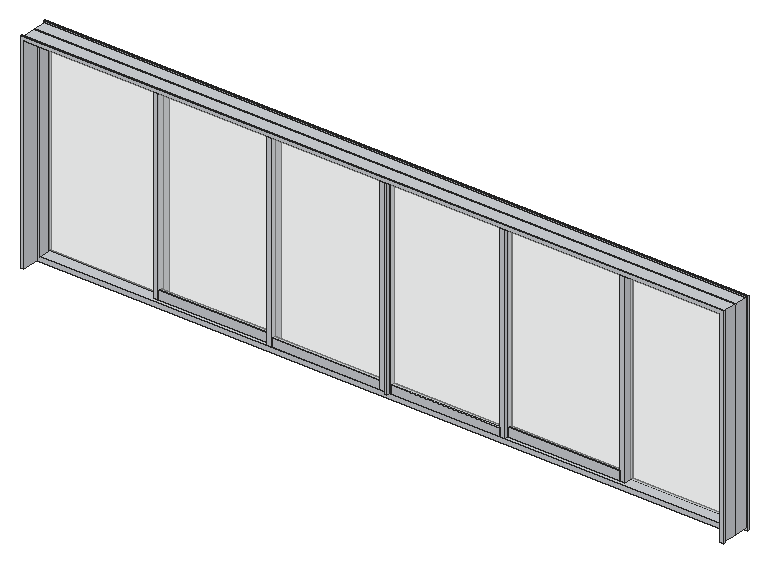
Revit family "APL Residential Thermal Heart Sliding Door FSSSSF", category Doors, host Wall, Revit 2017 (continued)
Definition of nested family "APL Residential Thermal Heart Sliding Door FSSSSF Vertical Section"
  Definition of nested family "Three Panel Head"
    Definition of nested family "65410_Frame"
      Lines and regions (mm)
        model lines, in view "Ref. Level"
          curve 467: line (74.404, -23.737, 0) -> (73.516, -21.297, 0)
          curve 468: line (72.621, -21.262, 0) -> (71.093, -22.146, 0)
          curve 469: line (70.893, -22.2, 0) -> (70.6, -22.2, 0)
          curve 470: line (70.2, -21.8, 0) -> (70.2, -18.4, 0)
          curve 471: arc (101.9, -10, 0) -> (102.042, -10.059, 0) -> (102.1, -10.2, 0) r 0.2
          curve 472: arc (102.1, -11.1, 0) -> (102.159, -11.241, 0) -> (102.3, -11.3, 0) r 0.2
          curve 473: arc (109.1, -11.3, 0) -> (109.454, -11.154, 0) -> (109.6, -10.8, 0) r 0.5
          curve 474: arc (109.6, -9.5, 0) -> (109.541, -9.359, 0) -> (109.4, -9.3, 0) r 0.2
          curve 475: arc (107.3, -9.3, 0) -> (107.159, -9.241, 0) -> (107.1, -9.1, 0) r 0.2
          curve 476: arc (107.1, -8.2, 0) -> (107.159, -8.059, 0) -> (107.3, -8, 0) r 0.2
          curve 477: arc (112.1, -8, 0) -> (112.454, -7.854, 0) -> (112.6, -7.5, 0) r 0.5
          curve 478: arc (112.6, 9.1, 0) -> (112.541, 9.241, 0) -> (112.4, 9.3, 0) r 0.2
          curve 479: arc (111.7, 9.3, 0) -> (111.559, 9.241, 0) -> (111.5, 9.1, 0) r 0.2
          curve 480: arc (111.5, 8.8, 0) -> (111, 8.3, 0) -> (110.5, 8.8, 0) r 0.5
          curve 481: arc (110.5, 11.35, 0) -> (111, 11.85, 0) -> (111.5, 11.35, 0) r 0.5
          curve 482: arc (111.5, 10.5, 0) -> (111.559, 10.359, 0) -> (111.7, 10.3, 0) r 0.2
          curve 483: arc (112.7, 10.3, 0) -> (112.841, 10.359, 0) -> (112.9, 10.5, 0) r 0.2
          curve 484: arc (112.9, 17.8, 0) -> (112.841, 17.941, 0) -> (112.7, 18, 0) r 0.2
          curve 485: arc (111.701, 18, 0) -> (111.559, 17.942, 0) -> (111.5, 17.8, 0) r 0.2
          curve 486: arc (111.5, 16.95, 0) -> (111, 16.45, 0) -> (110.5, 16.95, 0) r 0.5
          curve 487: arc (110.5, 18.5, 0) -> (110.646, 18.854, 0) -> (111, 19, 0) r 0.5
          curve 488: arc (116, 19, 0) -> (116.354, 18.854, 0) -> (116.5, 18.5, 0) r 0.5
          curve 489: arc (116.5, 16.95, 0) -> (116, 16.45, 0) -> (115.5, 16.95, 0) r 0.5
          curve 490: arc (115.5, 17.8, 0) -> (115.441, 17.941, 0) -> (115.3, 18, 0) r 0.2
          curve 491: arc (114.3, 18, 0) -> (114.159, 17.941, 0) -> (114.1, 17.8, 0) r 0.2
          curve 492: arc (114.1, 10.5, 0) -> (114.159, 10.359, 0) -> (114.3, 10.3, 0) r 0.2
          curve 493: arc (115.3, 10.3, 0) -> (115.441, 10.359, 0) -> (115.5, 10.5, 0) r 0.2
          curve 494: arc (115.5, 11.35, 0) -> (116, 11.85, 0) -> (116.5, 11.35, 0) r 0.5
          curve 495: arc (116.5, 8.8, 0) -> (116, 8.3, 0) -> (115.5, 8.8, 0) r 0.5
          curve 496: arc (115.5, 9.1, 0) -> (115.441, 9.241, 0) -> (115.3, 9.3, 0) r 0.2
          curve 497: arc (114.6, 9.3, 0) -> (114.459, 9.241, 0) -> (114.4, 9.1, 0) r 0.2
          curve 498: arc (114.4, -7.5, 0) -> (114.546, -7.854, 0) -> (114.9, -8, 0) r 0.5
          curve 499: arc (117.117, -8, 0) -> (117.422, -8.199, 0) -> (117.695, -7.957, 0) r 0.3
          curve 500: arc (117.695, -7.957, 0) -> (117.761, -7.819, 0) -> (117.887, -7.732, 0) r 0.3
          curve 501: arc (119.297, -7.218, 0) -> (119.583, -7.262, 0) -> (119.699, -7.526, 0) r 0.3
          curve 502: arc (119.492, -9.892, 0) -> (119.465, -9.992, 0) -> (119.405, -10.078, 0) r 0.3
          curve 503: arc (119.041, -10.441, 0) -> (118.848, -10.493, 0) -> (118.707, -10.352, 0) r 0.2
          curve 504: arc (118.662, -10.184, 0) -> (118.61, -10.095, 0) -> (118.521, -10.043, 0) r 0.2
          curve 505: arc (116.3, -9.5, 0) -> (116.02, -9.693, 0) -> (116.1, -10.024, 0) r 0.3
          curve 506: arc (116.1, -10.024, 0) -> (116.174, -10.125, 0) -> (116.2, -10.247, 0) r 0.3
          curve 507: arc (116.006, -14.25, 0) -> (116.042, -14.422, 0) -> (116.2, -14.5, 0) r 0.2
          curve 508: arc (116.721, -14.5, 0) -> (116.802, -14.489, 0) -> (116.877, -14.456, 0) r 0.3
          curve 509: arc (118.131, -13.691, 0) -> (118.128, -13.521, 0) -> (118.234, -13.389, 0) r 0.25
          curve 510: arc (118.32, -13.337, 0) -> (118.572, -13.332, 0) -> (118.7, -13.55, 0) r 0.25
          curve 511: arc (118.7, -15.126, 0) -> (118.618, -15.523, 0) -> (118.385, -15.854, 0) r 1
          curve 512: arc (118.385, -15.854, 0) -> (118.322, -16, 0) -> (118.385, -16.146, 0) r 0.2
          curve 513: arc (118.385, -16.146, 0) -> (118.618, -16.477, 0) -> (118.7, -16.874, 0) r 1
          curve 514: arc (118.7, -18.45, 0) -> (118.572, -18.668, 0) -> (118.32, -18.663, 0) r 0.25
          curve 515: arc (118.234, -18.611, 0) -> (118.128, -18.479, 0) -> (118.131, -18.309, 0) r 0.25
          curve 516: arc (116.877, -17.544, 0) -> (116.802, -17.511, 0) -> (116.721, -17.5, 0) r 0.3
          curve 517: arc (116.2, -17.5, 0) -> (116.042, -17.578, 0) -> (116.006, -17.75, 0) r 0.2
          curve 518: arc (116.2, -21.753, 0) -> (116.174, -21.875, 0) -> (116.1, -21.976, 0) r 0.3
          curve 519: arc (116.1, -21.976, 0) -> (116.02, -22.307, 0) -> (116.3, -22.5, 0) r 0.3
          curve 520: arc (118.521, -21.957, 0) -> (118.61, -21.905, 0) -> (118.662, -21.816, 0) r 0.2
          curve 521: arc (118.707, -21.648, 0) -> (118.848, -21.507, 0) -> (119.041, -21.559, 0) r 0.2
          curve 522: arc (119.405, -21.922, 0) -> (119.465, -22.008, 0) -> (119.492, -22.108, 0) r 0.3
          curve 523: arc (119.699, -24.474, 0) -> (119.583, -24.738, 0) -> (119.297, -24.782, 0) r 0.3
          curve 524: arc (117.887, -24.268, 0) -> (117.761, -24.181, 0) -> (117.695, -24.043, 0) r 0.3
          curve 525: arc (117.695, -24.043, 0) -> (117.422, -23.801, 0) -> (117.117, -24, 0) r 0.3
          curve 526: arc (114.8, -24, 0) -> (114.446, -23.854, 0) -> (114.3, -23.5, 0) r 0.5
          curve 527: arc (114.3, -19, 0) -> (114.241, -18.859, 0) -> (114.1, -18.8, 0) r 0.2
          curve 528: arc (105.3, -18.8, 0) -> (104.946, -18.654, 0) -> (104.8, -18.3, 0) r 0.5
          curve 529: arc (104.8, -17.8, 0) -> (104.946, -17.446, 0) -> (105.3, -17.3, 0) r 0.5
          curve 530: arc (106.727, -17.3, 0) -> (107.066, -17.167, 0) -> (107.226, -16.84, 0) r 0.5
          curve 531: arc (107.226, -16.84, 0) -> (107.712, -16.197, 0) -> (108.5, -16.366, 0) r 0.75
          curve 532: arc (108.5, -16.366, 0) -> (109.8, -16.9, 0) -> (111.1, -16.366, 0) r 1.85
          curve 533: arc (111.1, -16.366, 0) -> (111.242, -16.256, 0) -> (111.407, -16.183, 0) r 0.75
          curve 534: arc (111.407, -16.183, 0) -> (111.591, -16.08, 0) -> (111.716, -15.91, 0) r 0.5
          curve 535: arc (111.716, -15.91, 0) -> (111.9, -15.05, 0) -> (111.716, -14.19, 0) r 2.1
          curve 536: arc (111.716, -14.19, 0) -> (111.591, -14.02, 0) -> (111.407, -13.917, 0) r 0.5
          curve 537: arc (111.407, -13.917, 0) -> (111.242, -13.844, 0) -> (111.1, -13.734, 0) r 0.75
          curve 538: arc (111.1, -13.734, 0) -> (109.8, -13.2, 0) -> (108.5, -13.734, 0) r 1.85
          curve 539: arc (108.5, -13.734, 0) -> (107.831, -13.936, 0) -> (107.286, -13.5, 0) r 0.75
          curve 540: arc (107.286, -13.5, 0) -> (107.101, -13.282, 0) -> (106.827, -13.2, 0) r 0.5
          curve 541: arc (102.3, -13.2, 0) -> (101.25, -12.919, 0) -> (100.481, -12.15, 0) r 2.1
          curve 542: arc (100.481, -12.15, 0) -> (100.298, -11.967, 0) -> (100.048, -11.9, 0) r 0.5
          curve 543: arc (91.556, -11.9, 0) -> (91.287, -11.978, 0) -> (91.103, -12.188, 0) r 0.5
          curve 544: arc (91.103, -12.188, 0) -> (90.328, -13.071, 0) -> (89.2, -13.4, 0) r 2.1
          curve 545: arc (87.9, -13.4, 0) -> (87.193, -13.693, 0) -> (86.9, -14.4, 0) r 1
          curve 546: arc (86.9, -23.5, 0) -> (86.754, -23.854, 0) -> (86.4, -24, 0) r 0.5
          curve 547: arc (84.083, -24, 0) -> (83.778, -23.801, 0) -> (83.505, -24.043, 0) r 0.3
          curve 548: arc (83.505, -24.043, 0) -> (83.439, -24.181, 0) -> (83.313, -24.268, 0) r 0.3
          curve 549: arc (81.903, -24.782, 0) -> (81.617, -24.738, 0) -> (81.501, -24.474, 0) r 0.3
          curve 550: arc (81.708, -22.108, 0) -> (81.735, -22.008, 0) -> (81.795, -21.922, 0) r 0.3
          curve 551: arc (82.159, -21.559, 0) -> (82.352, -21.507, 0) -> (82.493, -21.648, 0) r 0.2
          curve 552: arc (82.538, -21.816, 0) -> (82.59, -21.905, 0) -> (82.679, -21.957, 0) r 0.2
          curve 553: arc (84.9, -22.5, 0) -> (85.18, -22.307, 0) -> (85.1, -21.976, 0) r 0.3
          curve 554: arc (85.1, -21.976, 0) -> (85.026, -21.875, 0) -> (85, -21.753, 0) r 0.3
          curve 555: arc (85.194, -17.75, 0) -> (85.158, -17.578, 0) -> (85, -17.5, 0) r 0.2
          curve 556: arc (84.479, -17.5, 0) -> (84.398, -17.511, 0) -> (84.323, -17.544, 0) r 0.3
          curve 557: arc (83.069, -18.309, 0) -> (83.072, -18.479, 0) -> (82.966, -18.611, 0) r 0.25
          curve 558: arc (82.88, -18.663, 0) -> (82.628, -18.668, 0) -> (82.5, -18.45, 0) r 0.25
          curve 559: arc (82.5, -16.874, 0) -> (82.582, -16.477, 0) -> (82.815, -16.146, 0) r 1
          curve 560: arc (82.815, -16.146, 0) -> (82.878, -16, 0) -> (82.815, -15.854, 0) r 0.2
          curve 561: arc (82.815, -15.854, 0) -> (82.582, -15.523, 0) -> (82.5, -15.126, 0) r 1
          curve 562: arc (82.5, -13.55, 0) -> (82.628, -13.332, 0) -> (82.88, -13.337, 0) r 0.25
          curve 563: arc (82.966, -13.389, 0) -> (83.072, -13.521, 0) -> (83.069, -13.691, 0) r 0.25
          curve 564: arc (84.323, -14.456, 0) -> (84.398, -14.489, 0) -> (84.479, -14.5, 0) r 0.3
          curve 565: arc (85, -14.5, 0) -> (85.158, -14.422, 0) -> (85.194, -14.25, 0) r 0.2
          curve 566: arc (85, -10.247, 0) -> (85.026, -10.125, 0) -> (85.1, -10.024, 0) r 0.3
          curve 567: arc (85.1, -10.024, 0) -> (85.18, -9.693, 0) -> (84.9, -9.5, 0) r 0.3
          curve 568: arc (82.679, -10.043, 0) -> (82.59, -10.095, 0) -> (82.538, -10.184, 0) r 0.2
          curve 569: arc (82.493, -10.352, 0) -> (82.352, -10.493, 0) -> (82.159, -10.441, 0) r 0.2
          curve 570: arc (81.795, -10.078, 0) -> (81.735, -9.992, 0) -> (81.708, -9.892, 0) r 0.3
          curve 571: arc (81.501, -7.526, 0) -> (81.617, -7.262, 0) -> (81.903, -7.218, 0) r 0.3
          curve 572: arc (83.313, -7.732, 0) -> (83.439, -7.819, 0) -> (83.505, -7.957, 0) r 0.3
          curve 573: arc (83.505, -7.957, 0) -> (83.778, -8.199, 0) -> (84.083, -8, 0) r 0.3
          curve 574: arc (86.7, -8, 0) -> (86.841, -8.059, 0) -> (86.9, -8.2, 0) r 0.2
          curve 575: arc (86.9, -11.3, 0) -> (86.959, -11.441, 0) -> (87.1, -11.5, 0) r 0.2
          curve 576: arc (89.2, -11.5, 0) -> (89.341, -11.441, 0) -> (89.4, -11.3, 0) r 0.2
          curve 577: arc (89.4, -10.2, 0) -> (89.459, -10.059, 0) -> (89.6, -10, 0) r 0.2
          curve 578: line (89.6, -10, 0) -> (95.4, -10, 0)
          curve 579: line (95.4, -10, 0) -> (95.8, -10.4, 0)
          curve 580: line (95.8, -10.4, 0) -> (96.2, -10, 0)
          curve 581: line (96.2, -10, 0) -> (101.9, -10, 0)
          curve 582: line (102.1, -10.2, 0) -> (102.1, -11.1, 0)
          curve 583: line (102.3, -11.3, 0) -> (109.1, -11.3, 0)
          curve 584: line (109.6, -10.8, 0) -> (109.6, -9.5, 0)
          curve 585: line (109.4, -9.3, 0) -> (107.3, -9.3, 0)
          curve 586: line (107.1, -9.1, 0) -> (107.1, -8.2, 0)
          curve 587: line (107.3, -8, 0) -> (112.1, -8, 0)
          curve 588: line (112.6, -7.5, 0) -> (112.6, 9.1, 0)
          curve 589: line (112.4, 9.3, 0) -> (111.7, 9.3, 0)
          curve 590: line (111.5, 9.1, 0) -> (111.5, 8.8, 0)
          curve 591: line (110.5, 8.8, 0) -> (110.5, 11.35, 0)
          curve 592: line (111.5, 11.35, 0) -> (111.5, 10.5, 0)
          curve 593: line (111.7, 10.3, 0) -> (112.7, 10.3, 0)
          curve 594: line (112.9, 10.5, 0) -> (112.9, 17.8, 0)
          curve 595: line (112.7, 18, 0) -> (111.701, 18, 0)
          curve 596: line (111.5, 17.8, 0) -> (111.5, 16.95, 0)
          curve 597: line (110.5, 16.95, 0) -> (110.5, 18.5, 0)
          curve 598: line (111, 19, 0) -> (116, 19, 0)
          curve 599: line (116.5, 18.5, 0) -> (116.5, 16.95, 0)
          curve 600: line (115.5, 16.95, 0) -> (115.5, 17.8, 0)
          curve 601: line (115.3, 18, 0) -> (114.3, 18, 0)
          curve 602: line (114.1, 17.8, 0) -> (114.1, 10.5, 0)
          curve 603: line (114.3, 10.3, 0) -> (115.3, 10.3, 0)
          curve 604: line (115.5, 10.5, 0) -> (115.5, 11.35, 0)
          curve 605: line (116.5, 11.35, 0) -> (116.5, 8.8, 0)
          curve 606: line (115.5, 8.8, 0) -> (115.5, 9.1, 0)
          curve 607: line (115.3, 9.3, 0) -> (114.6, 9.3, 0)
          curve 608: line (114.4, 9.1, 0) -> (114.4, -7.5, 0)
          curve 609: line (114.9, -8, 0) -> (117.117, -8, 0)
          curve 610: line (117.887, -7.732, 0) -> (119.297, -7.218, 0)
          curve 611: line (119.699, -7.526, 0) -> (119.492, -9.892, 0)
          curve 612: line (119.405, -10.078, 0) -> (119.041, -10.441, 0)
          curve 613: line (118.707, -10.352, 0) -> (118.662, -10.184, 0)
          curve 614: line (118.662, -10.184, 0) -> (116.532, -9.51, 0)
          curve 615: line (116.532, -9.51, 0) -> (116.3, -9.5, 0)
          curve 616: line (116.2, -10.247, 0) -> (116.2, -13.475, 0)
          curve 617: line (116.2, -13.475, 0) -> (116.006, -14.25, 0)
          curve 618: line (116.2, -14.5, 0) -> (116.721, -14.5, 0)
          curve 619: line (116.721, -14.5, 0) -> (118.131, -13.691, 0)
          curve 620: line (118.7, -13.55, 0) -> (118.7, -15.126, 0)
          curve 621: line (118.7, -16.874, 0) -> (118.7, -18.45, 0)
          curve 622: line (118.131, -18.309, 0) -> (116.877, -17.544, 0)
          curve 623: line (116.877, -17.544, 0) -> (116.2, -17.5, 0)
          curve 624: line (116.006, -17.75, 0) -> (116.194, -18.475, 0)
          curve 625: line (116.194, -18.475, 0) -> (116.2, -21.753, 0)
          curve 626: line (116.454, -22.5, 0) -> (118.521, -21.957, 0)
          curve 627: line (118.521, -21.957, 0) -> (118.707, -21.648, 0)
          curve 628: line (119.041, -21.559, 0) -> (119.405, -21.922, 0)
          curve 629: line (119.492, -22.108, 0) -> (119.699, -24.474, 0)
          curve 630: line (119.297, -24.782, 0) -> (117.887, -24.268, 0)
          curve 631: line (117.117, -24, 0) -> (114.8, -24, 0)
          curve 632: line (114.3, -23.5, 0) -> (114.3, -19, 0)
          curve 633: line (114.1, -18.8, 0) -> (105.3, -18.8, 0)
          curve 634: line (104.8, -18.3, 0) -> (104.8, -17.8, 0)
          curve 635: line (105.3, -17.3, 0) -> (106.727, -17.3, 0)
          curve 636: line (106.827, -13.2, 0) -> (102.3, -13.2, 0)
          curve 637: line (100.048, -11.9, 0) -> (91.556, -11.9, 0)
          curve 638: line (89.2, -13.4, 0) -> (87.9, -13.4, 0)
          curve 639: line (86.9, -14.4, 0) -> (86.9, -23.5, 0)
          curve 640: line (86.4, -24, 0) -> (84.083, -24, 0)
          curve 641: line (83.313, -24.268, 0) -> (81.903, -24.782, 0)
          curve 642: line (81.501, -24.474, 0) -> (81.708, -22.108, 0)
          curve 643: line (81.795, -21.922, 0) -> (82.159, -21.559, 0)
          curve 644: line (82.493, -21.648, 0) -> (82.538, -21.816, 0)
          curve 645: line (82.538, -21.816, 0) -> (84.668, -22.49, 0)
          curve 646: line (84.668, -22.49, 0) -> (84.9, -22.5, 0)
          curve 647: line (85, -21.753, 0) -> (85, -18.525, 0)
          curve 648: line (85, -18.525, 0) -> (85.194, -17.75, 0)
          curve 649: line (85, -17.5, 0) -> (84.479, -17.5, 0)
          curve 650: line (84.479, -17.5, 0) -> (83.069, -18.309, 0)
          curve 651: line (82.5, -18.45, 0) -> (82.5, -16.874, 0)
          curve 652: line (82.5, -15.126, 0) -> (82.5, -13.55, 0)
          curve 653: line (83.069, -13.691, 0) -> (84.323, -14.456, 0)
          curve 654: line (84.323, -14.456, 0) -> (85, -14.5, 0)
          curve 655: line (85.194, -14.25, 0) -> (85.006, -13.525, 0)
          curve 656: line (85.006, -13.525, 0) -> (85, -10.247, 0)
          curve 657: line (84.746, -9.5, 0) -> (82.679, -10.043, 0)
          curve 658: line (82.679, -10.043, 0) -> (82.493, -10.352, 0)
          curve 659: line (82.159, -10.441, 0) -> (81.795, -10.078, 0)
          curve 660: line (81.708, -9.892, 0) -> (81.501, -7.526, 0)
          curve 661: line (81.903, -7.218, 0) -> (83.313, -7.732, 0)
          curve 662: line (84.083, -8, 0) -> (86.7, -8, 0)
          curve 663: line (86.9, -8.2, 0) -> (86.9, -11.3, 0)
          curve 664: line (87.1, -11.5, 0) -> (89.2, -11.5, 0)
          curve 665: line (89.4, -11.3, 0) -> (89.4, -10.2, 0)
          curve 666: arc (159.4, 11.877, 0) -> (159.327, 11.95, 0) -> (159.3, 12.05, 0) r 0.2
          curve 667: arc (159.3, 16.25, 0) -> (159.327, 16.35, 0) -> (159.4, 16.423, 0) r 0.2
          curve 668: arc (159.4, 16.423, 0) -> (159.473, 16.496, 0) -> (159.5, 16.596, 0) r 0.2
          curve 669: arc (159.5, 17.8, 0) -> (159.441, 17.941, 0) -> (159.3, 18, 0) r 0.2
          curve 670: arc (157.701, 18, 0) -> (157.559, 17.942, 0) -> (157.5, 17.8, 0) r 0.2
          curve 671: arc (157.5, 16.95, 0) -> (157, 16.451, 0) -> (156.5, 16.95, 0) r 0.5
          curve 672: arc (156.5, 18.5, 0) -> (156.646, 18.854, 0) -> (157, 19, 0) r 0.499
          curve 673: arc (160.5, 19, 0) -> (160.847, 18.847, 0) -> (161, 18.5, 0) r 0.523
          curve 674: arc (161, -2.5, 0) -> (160.856, -2.856, 0) -> (160.5, -3, 0) r 0.493
          curve 675: arc (157.7, -3, 0) -> (157.558, -3.058, 0) -> (157.5, -3.2, 0) r 0.199
          curve 676: arc (157.5, -10.801, 0) -> (156.852, -12.441, 0) -> (155.258, -13.195, 0) r 2.399
          curve 677: arc (155.258, -13.195, 0) -> (154.878, -13.412, 0) -> (154.814, -13.844, 0) r 0.5
          curve 678: arc (154.814, -13.844, 0) -> (155, -15.047, 0) -> (154.816, -16.25, 0) r 4
          curve 679: arc (154.816, -16.25, 0) -> (154.89, -16.696, 0) -> (155.293, -16.9, 0) r 0.5
          curve 680: arc (155.5, -16.9, 0) -> (156.914, -17.486, 0) -> (157.5, -18.9, 0) r 2.001
          curve 681: arc (166.75, -22.5, 0) -> (167.501, -23.253, 0) -> (166.745, -24, 0) r 0.75
          curve 682: arc (157.5, -24, 0) -> (156.439, -23.561, 0) -> (156, -22.5, 0) r 1.5
          curve 683: arc (156, -19, 0) -> (155.941, -18.859, 0) -> (155.8, -18.8, 0) r 0.2
          curve 684: arc (146.5, -18.8, 0) -> (146.146, -18.654, 0) -> (146, -18.3, 0) r 0.5
          curve 685: arc (146, -17.8, 0) -> (146.146, -17.446, 0) -> (146.5, -17.3, 0) r 0.5
          curve 686: arc (147.927, -17.3, 0) -> (148.266, -17.167, 0) -> (148.426, -16.84, 0) r 0.5
          curve 687: arc (148.426, -16.84, 0) -> (148.912, -16.197, 0) -> (149.7, -16.366, 0) r 0.75
          curve 688: arc (149.7, -16.366, 0) -> (151, -16.9, 0) -> (152.3, -16.366, 0) r 1.85
          curve 689: arc (152.3, -16.366, 0) -> (152.442, -16.256, 0) -> (152.607, -16.183, 0) r 0.75
          curve 690: arc (152.607, -16.183, 0) -> (152.791, -16.08, 0) -> (152.916, -15.91, 0) r 0.5
          curve 691: arc (152.916, -15.91, 0) -> (153.1, -15.05, 0) -> (152.916, -14.19, 0) r 2.1
          curve 692: arc (152.916, -14.19, 0) -> (152.791, -14.02, 0) -> (152.607, -13.917, 0) r 0.5
          curve 693: arc (152.607, -13.917, 0) -> (152.442, -13.844, 0) -> (152.3, -13.734, 0) r 0.75
          curve 694: arc (152.3, -13.734, 0) -> (151, -13.2, 0) -> (149.7, -13.734, 0) r 1.85
          curve 695: arc (149.7, -13.734, 0) -> (149.027, -13.936, 0) -> (148.482, -13.491, 0) r 0.75
          curve 696: arc (148.482, -13.491, 0) -> (148.32, -13.284, 0) -> (148.075, -13.188, 0) r 0.5
          curve 697: arc (148.075, -13.188, 0) -> (147.154, -12.86, 0) -> (146.481, -12.15, 0) r 2.1
          curve 698: arc (146.481, -12.15, 0) -> (146.298, -11.967, 0) -> (146.048, -11.9, 0) r 0.5
          curve 699: arc (137.556, -11.9, 0) -> (137.287, -11.978, 0) -> (137.103, -12.188, 0) r 0.5
          curve 700: arc (137.103, -12.188, 0) -> (136.328, -13.071, 0) -> (135.2, -13.4, 0) r 2.1
          curve 701: arc (133.9, -13.4, 0) -> (133.193, -13.693, 0) -> (132.9, -14.4, 0) r 1
          curve 702: arc (132.9, -23.5, 0) -> (132.754, -23.854, 0) -> (132.4, -24, 0) r 0.5
          curve 703: arc (130.083, -24, 0) -> (129.778, -23.801, 0) -> (129.505, -24.043, 0) r 0.3
          curve 704: arc (129.505, -24.043, 0) -> (129.439, -24.181, 0) -> (129.313, -24.268, 0) r 0.3
          curve 705: arc (127.903, -24.782, 0) -> (127.617, -24.738, 0) -> (127.501, -24.474, 0) r 0.3
          curve 706: arc (127.708, -22.108, 0) -> (127.735, -22.008, 0) -> (127.795, -21.922, 0) r 0.3
          curve 707: arc (128.159, -21.559, 0) -> (128.352, -21.507, 0) -> (128.493, -21.648, 0) r 0.2
          curve 708: arc (128.538, -21.816, 0) -> (128.59, -21.905, 0) -> (128.679, -21.957, 0) r 0.2
          curve 709: arc (130.9, -22.5, 0) -> (131.18, -22.307, 0) -> (131.1, -21.976, 0) r 0.3
          curve 710: arc (131.1, -21.976, 0) -> (131.026, -21.875, 0) -> (131, -21.753, 0) r 0.3
          curve 711: arc (131.194, -17.75, 0) -> (131.158, -17.578, 0) -> (131, -17.5, 0) r 0.2
          curve 712: arc (130.479, -17.5, 0) -> (130.398, -17.511, 0) -> (130.323, -17.544, 0) r 0.3
          curve 713: arc (129.069, -18.309, 0) -> (129.072, -18.479, 0) -> (128.966, -18.611, 0) r 0.25
          curve 714: arc (128.88, -18.663, 0) -> (128.628, -18.668, 0) -> (128.5, -18.45, 0) r 0.25
          curve 715: arc (128.5, -16.874, 0) -> (128.582, -16.477, 0) -> (128.815, -16.146, 0) r 1
          curve 716: arc (128.815, -16.146, 0) -> (128.878, -16, 0) -> (128.815, -15.854, 0) r 0.2
          curve 717: arc (128.815, -15.854, 0) -> (128.582, -15.523, 0) -> (128.5, -15.126, 0) r 1
          curve 718: arc (128.5, -13.55, 0) -> (128.628, -13.332, 0) -> (128.88, -13.337, 0) r 0.25
          curve 719: arc (128.966, -13.389, 0) -> (129.072, -13.521, 0) -> (129.069, -13.691, 0) r 0.25
          curve 720: arc (130.323, -14.456, 0) -> (130.398, -14.489, 0) -> (130.479, -14.5, 0) r 0.3
          curve 721: arc (131, -14.5, 0) -> (131.158, -14.422, 0) -> (131.194, -14.25, 0) r 0.2
          curve 722: arc (131, -10.247, 0) -> (131.026, -10.125, 0) -> (131.1, -10.024, 0) r 0.3
          curve 723: arc (131.1, -10.024, 0) -> (131.18, -9.693, 0) -> (130.9, -9.5, 0) r 0.3
          curve 724: arc (128.679, -10.043, 0) -> (128.59, -10.095, 0) -> (128.538, -10.184, 0) r 0.2
          curve 725: arc (128.493, -10.352, 0) -> (128.352, -10.493, 0) -> (128.159, -10.441, 0) r 0.2
          curve 726: arc (127.795, -10.078, 0) -> (127.735, -9.992, 0) -> (127.708, -9.892, 0) r 0.3
          curve 727: arc (127.501, -7.526, 0) -> (127.617, -7.262, 0) -> (127.903, -7.218, 0) r 0.3
          curve 728: arc (129.313, -7.732, 0) -> (129.439, -7.819, 0) -> (129.505, -7.957, 0) r 0.3
          curve 729: arc (129.505, -7.957, 0) -> (129.778, -8.199, 0) -> (130.083, -8, 0) r 0.3
          curve 730: arc (132.7, -8, 0) -> (132.841, -8.059, 0) -> (132.9, -8.2, 0) r 0.2
          curve 731: arc (132.9, -11.3, 0) -> (132.959, -11.441, 0) -> (133.1, -11.5, 0) r 0.2
          curve 732: arc (135.2, -11.5, 0) -> (135.341, -11.441, 0) -> (135.4, -11.3, 0) r 0.2
          curve 733: arc (135.4, -10.2, 0) -> (135.459, -10.059, 0) -> (135.6, -10, 0) r 0.2
          curve 734: arc (147.9, -10, 0) -> (148.042, -10.059, 0) -> (148.1, -10.2, 0) r 0.2
          curve 735: arc (148.1, -11.1, 0) -> (148.159, -11.241, 0) -> (148.3, -11.3, 0) r 0.2
          curve 736: arc (155.1, -11.3, 0) -> (155.454, -11.154, 0) -> (155.6, -10.8, 0) r 0.5
          curve 737: arc (155.6, -9.5, 0) -> (155.541, -9.359, 0) -> (155.4, -9.3, 0) r 0.2
          curve 738: arc (153.3, -9.3, 0) -> (153.159, -9.241, 0) -> (153.1, -9.1, 0) r 0.2
          curve 739: arc (153.1, -8.2, 0) -> (153.159, -8.059, 0) -> (153.3, -8, 0) r 0.2
          curve 740: arc (155.5, -8, 0) -> (155.854, -7.854, 0) -> (156, -7.5, 0) r 0.5
          curve 741: arc (156, -1.2, 0) -> (156.146, -0.846, 0) -> (156.5, -0.7, 0) r 0.5
          curve 742: arc (157.3, -0.7, 0) -> (157.441, -0.759, 0) -> (157.5, -0.9, 0) r 0.2
          curve 743: arc (159.3, -1.7, 0) -> (159.441, -1.641, 0) -> (159.5, -1.5, 0) r 0.2
          curve 744: arc (159.5, 3.4, 0) -> (159.1, 3.8, 0) -> (159.5, 4.2, 0) r 0.4
          curve 745: arc (159.5, 9.1, 0) -> (159.441, 9.241, 0) -> (159.3, 9.3, 0) r 0.2
          curve 746: arc (157.5, 8.7, 0) -> (157.383, 8.417, 0) -> (157.1, 8.3, 0) r 0.4
          curve 747: arc (157, 8.3, 0) -> (156.646, 8.447, 0) -> (156.5, 8.8, 0) r 0.5
          curve 748: arc (156.5, 11.35, 0) -> (157, 11.85, 0) -> (157.5, 11.35, 0) r 0.5
          curve 749: arc (157.5, 10.5, 0) -> (157.559, 10.359, 0) -> (157.7, 10.3, 0) r 0.2
          curve 750: arc (159.3, 10.3, 0) -> (159.441, 10.359, 0) -> (159.5, 10.5, 0) r 0.2
          curve 751: line (159.3, 12.05, 0) -> (159.3, 16.25, 0)
          curve 752: line (159.5, 16.596, 0) -> (159.5, 17.8, 0)
          curve 753: line (159.3, 18, 0) -> (157.701, 18, 0)
          curve 754: line (157.5, 17.8, 0) -> (157.5, 16.95, 0)
          curve 755: line (156.5, 16.95, 0) -> (156.5, 18.5, 0)
          curve 756: line (157, 19, 0) -> (160.5, 19, 0)
          curve 757: line (161, 18.5, 0) -> (161, -2.5, 0)
          curve 758: line (160.5, -3, 0) -> (157.7, -3, 0)
          curve 759: line (157.5, -3.2, 0) -> (157.5, -10.801, 0)
          curve 760: line (155.293, -16.9, 0) -> (155.5, -16.9, 0)
          curve 761: line (157.5, -18.9, 0) -> (157.5, -22.5, 0)
          curve 762: line (157.5, -22.5, 0) -> (166.75, -22.5, 0)
          curve 763: line (166.745, -24, 0) -> (165, -24, 0)
          curve 764: line (165, -24, 0) -> (164.6, -23.6, 0)
          curve 765: line (164.6, -23.6, 0) -> (158.3, -23.6, 0)
          curve 766: line (158.3, -23.6, 0) -> (157.9, -24, 0)
          curve 767: line (157.9, -24, 0) -> (157.5, -24, 0)
          curve 768: line (156, -22.5, 0) -> (156, -19, 0)
          curve 769: line (155.8, -18.8, 0) -> (146.5, -18.8, 0)
          curve 770: line (146, -18.3, 0) -> (146, -17.8, 0)
          curve 771: line (146.5, -17.3, 0) -> (147.927, -17.3, 0)
          curve 772: line (146.048, -11.9, 0) -> (137.556, -11.9, 0)
          curve 773: line (135.2, -13.4, 0) -> (133.9, -13.4, 0)
          curve 774: line (132.9, -14.4, 0) -> (132.9, -23.5, 0)
          curve 775: line (132.4, -24, 0) -> (130.083, -24, 0)
          curve 776: line (129.313, -24.268, 0) -> (127.903, -24.782, 0)
          curve 777: line (127.501, -24.474, 0) -> (127.708, -22.108, 0)
          curve 778: line (127.795, -21.922, 0) -> (128.159, -21.559, 0)
          curve 779: line (128.493, -21.648, 0) -> (128.538, -21.816, 0)
          curve 780: line (128.538, -21.816, 0) -> (130.668, -22.49, 0)
          curve 781: line (130.668, -22.49, 0) -> (130.9, -22.5, 0)
          curve 782: line (131, -21.753, 0) -> (131, -18.525, 0)
          curve 783: line (131, -18.525, 0) -> (131.194, -17.75, 0)
          curve 784: line (131, -17.5, 0) -> (130.479, -17.5, 0)
          curve 785: line (130.479, -17.5, 0) -> (129.069, -18.309, 0)
          curve 786: line (128.5, -18.45, 0) -> (128.5, -16.874, 0)
          curve 787: line (128.5, -15.126, 0) -> (128.5, -13.55, 0)
          curve 788: line (129.069, -13.691, 0) -> (130.323, -14.456, 0)
          curve 789: line (130.323, -14.456, 0) -> (131, -14.5, 0)
          curve 790: line (131.194, -14.25, 0) -> (131, -13.5, 0)
          curve 791: line (131.006, -13.525, 0) -> (131, -10.247, 0)
          curve 792: line (130.746, -9.5, 0) -> (128.679, -10.043, 0)
          curve 793: line (128.679, -10.043, 0) -> (128.493, -10.352, 0)
          curve 794: line (128.159, -10.441, 0) -> (127.795, -10.078, 0)
          curve 795: line (127.708, -9.892, 0) -> (127.501, -7.526, 0)
          curve 796: line (127.903, -7.218, 0) -> (129.313, -7.732, 0)
          curve 797: line (130.083, -8, 0) -> (132.7, -8, 0)
          curve 798: line (132.9, -8.2, 0) -> (132.9, -11.3, 0)
          curve 799: line (133.1, -11.5, 0) -> (135.2, -11.5, 0)
          curve 800: line (135.4, -11.3, 0) -> (135.4, -10.2, 0)
          curve 801: line (135.6, -10, 0) -> (141.4, -10, 0)
          curve 802: line (141.4, -10, 0) -> (141.8, -10.4, 0)
          curve 803: line (141.8, -10.4, 0) -> (142.2, -10, 0)
          curve 804: line (142.2, -10, 0) -> (147.9, -10, 0)
          curve 805: line (148.1, -10.2, 0) -> (148.1, -11.1, 0)
          curve 806: line (148.3, -11.3, 0) -> (155.1, -11.3, 0)
          curve 807: line (155.6, -10.8, 0) -> (155.6, -9.5, 0)
          curve 808: line (155.4, -9.3, 0) -> (153.3, -9.3, 0)
          curve 809: line (153.1, -9.1, 0) -> (153.1, -8.2, 0)
          curve 810: line (153.3, -8, 0) -> (155.5, -8, 0)
          curve 811: line (156, -7.5, 0) -> (156, -1.2, 0)
          curve 812: line (156.5, -0.7, 0) -> (157.3, -0.7, 0)
          curve 813: line (157.5, -0.9, 0) -> (157.5, -1.7, 0)
          curve 814: line (157.5, -1.7, 0) -> (159.3, -1.7, 0)
          curve 815: line (159.5, -1.5, 0) -> (159.5, 3.4, 0)
          curve 816: line (159.5, 4.2, 0) -> (159.5, 9.1, 0)
          curve 817: line (159.3, 9.3, 0) -> (157.5, 9.3, 0)
          curve 818: line (157.5, 9.3, 0) -> (157.5, 8.7, 0)
          curve 819: line (156.5, 8.8, 0) -> (156.5, 11.35, 0)
          curve 820: line (157.5, 11.35, 0) -> (157.5, 10.5, 0)
          curve 821: line (157.7, 10.3, 0) -> (159.3, 10.3, 0)
          curve 822: line (159.5, 10.5, 0) -> (159.5, 11.704, 0)
          curve 823: arc (159.5, 11.704, 0) -> (159.473, 11.804, 0) -> (159.4, 11.877, 0) r 0.2
          curve 824: arc (116.2, -13.6, 0) -> (116.317, -13.883, 0) -> (116.6, -14, 0) r 0.4
          curve 825: arc (116.893, -14, 0) -> (116.996, -13.986, 0) -> (117.093, -13.946, 0) r 0.4
          curve 826: arc (118.621, -13.061, 0) -> (118.911, -12.941, 0) -> (119.222, -12.9, 0) r 1.2
          curve 827: arc (120.145, -12.9, 0) -> (120.718, -12.719, 0) -> (121.084, -12.242, 0) r 1
          curve 828: arc (121.877, -10.063, 0) -> (122.024, -9.872, 0) -> (122.253, -9.8, 0) r 0.4
          curve 829: arc (124.947, -9.8, 0) -> (125.176, -9.872, 0) -> (125.323, -10.063, 0) r 0.4
          curve 830: arc (126.116, -12.242, 0) -> (126.482, -12.719, 0) -> (127.055, -12.9, 0) r 1
          curve 831: arc (127.978, -12.9, 0) -> (128.289, -12.941, 0) -> (128.579, -13.061, 0) r 1.2
          curve 832: arc (130.107, -13.946, 0) -> (130.204, -13.986, 0) -> (130.307, -14, 0) r 0.4
          curve 833: arc (130.6, -14, 0) -> (130.883, -13.883, 0) -> (131, -13.6, 0) r 0.4
          curve 834: arc (131, -10.2, 0) -> (130.883, -9.917, 0) -> (130.6, -9.8, 0) r 0.4
          curve 835: arc (130.307, -9.8, 0) -> (130.204, -9.814, 0) -> (130.107, -9.854, 0) r 0.4
          curve 836: arc (128.579, -10.739, 0) -> (128.285, -10.86, 0) -> (127.97, -10.9, 0) r 1.2
          curve 837: arc (127.97, -10.9, 0) -> (127.795, -10.847, 0) -> (127.684, -10.703, 0) r 0.3
          curve 838: arc (126.796, -8.263, 0) -> (126.649, -8.072, 0) -> (126.42, -8, 0) r 0.4
          curve 839: arc (120.78, -8, 0) -> (120.551, -8.072, 0) -> (120.404, -8.263, 0) r 0.4
          curve 840: arc (119.516, -10.703, 0) -> (119.405, -10.847, 0) -> (119.23, -10.9, 0) r 0.3
          curve 841: arc (119.23, -10.9, 0) -> (118.915, -10.86, 0) -> (118.621, -10.739, 0) r 1.2
          curve 842: arc (117.093, -9.854, 0) -> (116.996, -9.814, 0) -> (116.893, -9.8, 0) r 0.4
          curve 843: arc (116.6, -9.8, 0) -> (116.317, -9.917, 0) -> (116.2, -10.2, 0) r 0.4
          curve 844: line (116.6, -14, 0) -> (116.893, -14, 0)
          curve 845: line (117.093, -13.946, 0) -> (118.621, -13.061, 0)
          curve 846: line (119.222, -12.9, 0) -> (120.145, -12.9, 0)
          curve 847: line (121.084, -12.242, 0) -> (121.877, -10.063, 0)
          curve 848: line (122.253, -9.8, 0) -> (124.947, -9.8, 0)
          curve 849: line (125.323, -10.063, 0) -> (126.116, -12.242, 0)
          curve 850: line (127.055, -12.9, 0) -> (127.978, -12.9, 0)
          curve 851: line (128.579, -13.061, 0) -> (130.107, -13.946, 0)
          curve 852: line (130.307, -14, 0) -> (130.6, -14, 0)
          curve 853: line (131, -13.6, 0) -> (131, -10.2, 0)
          curve 854: line (130.6, -9.8, 0) -> (130.307, -9.8, 0)
          curve 855: line (130.107, -9.854, 0) -> (128.579, -10.739, 0)
          curve 856: line (127.684, -10.703, 0) -> (126.796, -8.263, 0)
          curve 857: line (126.42, -8, 0) -> (120.78, -8, 0)
          curve 858: line (120.404, -8.263, 0) -> (119.516, -10.703, 0)
          curve 859: line (118.621, -10.739, 0) -> (117.093, -9.854, 0)
          curve 860: line (116.893, -9.8, 0) -> (116.6, -9.8, 0)
          curve 861: line (116.2, -10.2, 0) -> (116.2, -13.6, 0)
          curve 862: arc (116.2, -18.4, 0) -> (116.317, -18.117, 0) -> (116.6, -18, 0) r 0.4
          curve 863: arc (116.893, -18, 0) -> (116.996, -18.014, 0) -> (117.093, -18.054, 0) r 0.4
          curve 864: arc (118.621, -18.939, 0) -> (118.911, -19.059, 0) -> (119.222, -19.1, 0) r 1.2
          curve 865: arc (120.145, -19.1, 0) -> (120.718, -19.281, 0) -> (121.084, -19.758, 0) r 1
          curve 866: arc (121.877, -21.937, 0) -> (122.024, -22.128, 0) -> (122.253, -22.2, 0) r 0.4
          curve 867: arc (124.947, -22.2, 0) -> (125.176, -22.128, 0) -> (125.323, -21.937, 0) r 0.4
          curve 868: arc (126.116, -19.758, 0) -> (126.482, -19.281, 0) -> (127.055, -19.1, 0) r 1
          curve 869: arc (127.978, -19.1, 0) -> (128.289, -19.059, 0) -> (128.579, -18.939, 0) r 1.2
          curve 870: arc (130.107, -18.054, 0) -> (130.204, -18.014, 0) -> (130.307, -18, 0) r 0.4
          curve 871: arc (130.6, -18, 0) -> (130.883, -18.117, 0) -> (131, -18.4, 0) r 0.4
          curve 872: arc (131, -21.8, 0) -> (130.883, -22.083, 0) -> (130.6, -22.2, 0) r 0.4
          curve 873: arc (130.307, -22.2, 0) -> (130.204, -22.186, 0) -> (130.107, -22.146, 0) r 0.4
          curve 874: arc (128.579, -21.262, 0) -> (128.285, -21.14, 0) -> (127.97, -21.1, 0) r 1.2
          curve 875: arc (127.97, -21.1, 0) -> (127.795, -21.153, 0) -> (127.684, -21.297, 0) r 0.3
          curve 876: arc (126.796, -23.737, 0) -> (126.649, -23.928, 0) -> (126.42, -24, 0) r 0.4
          curve 877: arc (120.78, -24, 0) -> (120.551, -23.928, 0) -> (120.404, -23.737, 0) r 0.4
          curve 878: arc (119.516, -21.297, 0) -> (119.405, -21.153, 0) -> (119.23, -21.1, 0) r 0.3
          curve 879: arc (119.23, -21.1, 0) -> (118.915, -21.14, 0) -> (118.621, -21.262, 0) r 1.2
          curve 880: arc (117.093, -22.146, 0) -> (116.996, -22.186, 0) -> (116.893, -22.2, 0) r 0.4
          curve 881: arc (116.6, -22.2, 0) -> (116.317, -22.083, 0) -> (116.2, -21.8, 0) r 0.4
          curve 882: line (116.6, -18, 0) -> (116.893, -18, 0)
          curve 883: line (117.093, -18.054, 0) -> (118.621, -18.939, 0)
          curve 884: line (119.222, -19.1, 0) -> (120.145, -19.1, 0)
          curve 885: line (121.084, -19.758, 0) -> (121.877, -21.937, 0)
          curve 886: line (122.253, -22.2, 0) -> (124.947, -22.2, 0)
          curve 887: line (125.323, -21.937, 0) -> (126.116, -19.758, 0)
          curve 888: line (127.055, -19.1, 0) -> (127.978, -19.1, 0)
          curve 889: line (128.579, -18.939, 0) -> (130.107, -18.054, 0)
          curve 890: line (130.307, -18, 0) -> (130.6, -18, 0)
          curve 891: line (131, -18.4, 0) -> (131, -21.8, 0)
          curve 892: line (130.6, -22.2, 0) -> (130.307, -22.2, 0)
          curve 893: line (130.107, -22.146, 0) -> (128.579, -21.262, 0)
          curve 894: line (127.684, -21.297, 0) -> (126.796, -23.737, 0)
          curve 895: line (126.42, -24, 0) -> (120.78, -24, 0)
          curve 896: line (120.404, -23.737, 0) -> (119.516, -21.297, 0)
          curve 897: line (118.621, -21.262, 0) -> (117.093, -22.146, 0)
          curve 898: line (116.893, -22.2, 0) -> (116.6, -22.2, 0)
          curve 899: line (116.2, -21.8, 0) -> (116.2, -18.4, 0)
      Text (mm)
        text "65410" at (71.918, 37.65, 0), in view "Ref. Level"
Types (2, lengths in mm): name | Rough Width | Width | Reveal Liner | Architrave
  Liner | 7215 | 7200 | yes | no
  Architrave | 7500 | 7485 | no | yes
